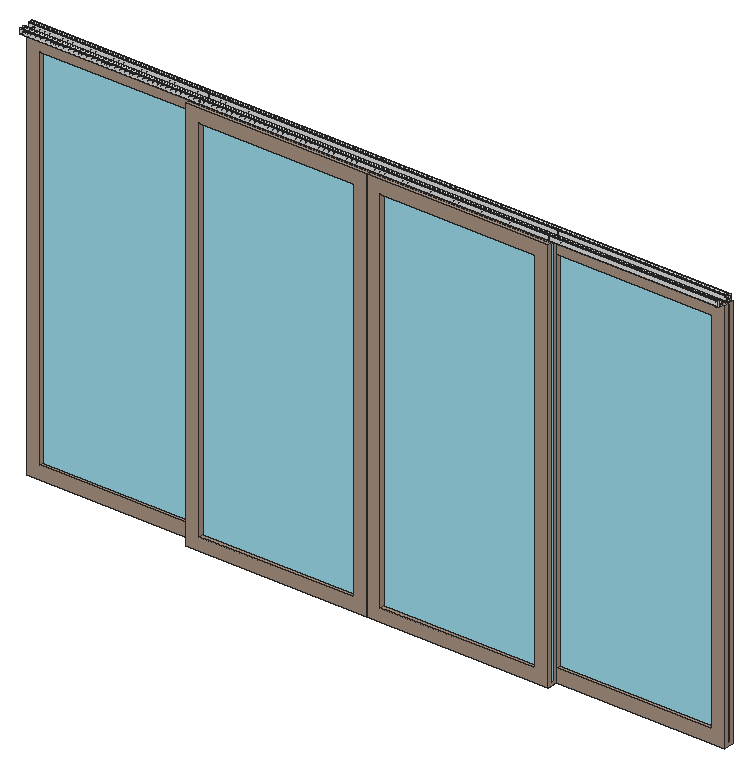
Revit family "4 Panel Slide SB4S XRDLP", category Doors, host Wall, Revit 2016
Family settings
  Host = Wall
  Always vertical = Yes
  Cut with Voids When Loaded = No
  Shared = No
  Room Calculation Point = No
Parameters (values of type "162"x 94 1/8"")
  URL = "www.raydoor.com"
  Type Image = SB4S.jpg
  Thickness = 2 1/4"  # constant formula
  Rough Width = 1"  # constant formula
  Rough Height = 1" / 4  # 1/4"
  Model = "SB4S"
  Function = Interior
  Door Material = Door - Panel
  Panel Material = Glass, Cast, Gray
  Height = 94 1/8"
  Trim Projection Ext = 63/64"  # constant formula
  Typ = 3"  # constant formula
  Wall Closure = By host
  Width = 162"
  Assembly Code = "SB4S XRDLP"
Reference planes (in)
  plane 1: y = 0
  plane 2: z = 0
  plane 3: x = -0.00001
  plane 4: x = -81.00001
  plane 5: x = 80.99999
  plane 6: z = 94.125
  plane 7: z = 92.9375
  plane 8: x = 77.99999
  plane 9: x = 79.49999
  plane 10: x = -3.00001
  plane 11: x = -1.50001
  plane 12: x = 1.49999
  plane 13: x = -79.50001
  plane 14: x = -78.00001
  plane 15: y = 0.125
  plane 16: y = -2.375
  plane 17: y = 2.375
  plane 18: y = -0.125
  plane 19: x = -40.50001
  plane 20: x = -39.00001
  plane 21: x = -42.00001
  plane 22: x = 40.49999
  plane 23: x = 41.99999
  plane 24: x = 38.99999
  plane 25: x = 2.99999
Forms (in)
  Extrusion 1, solid, material "Door - Panel" <- "Door Material"
    sketch origin (-58, 2.62273, 0.25) x (1, 0, 0) y (0, 0, 1)
      loop
        line (57.99999, 92.125) -> (57.99999, 0.125) -> (99.99999, 0.125) -> (99.99999, 92.125) -> (57.99999, 92.125)
      loop
        line (60.99999, 89.125) -> (60.99999, 3.125) -> (96.99999, 3.125) -> (96.99999, 89.125) -> (60.99999, 89.125)
    from 2.74773 to 4.99609
  Extrusion 2, solid, material "Glass, Cast, Gray" <- "Panel Material"
    sketch origin (-57.74997, -27.47932, 0.25) x (1, 0, 0) y (0, 0, 1)
      loop
        line (57.74997, 92.125) -> (57.74997, 1) -> (99.74997, 1) -> (99.74997, 92.125) -> (57.74997, 92.125)
    from -26.35104 to -26.10268
  Extrusion 3, void
    sketch origin (-58, -9.64385, -90.75) x (1, 0, 0) y (0, 0, 1)
      loop
        line (57.99999, 92) -> (57.99999, 91.125) -> (99.99999, 91.125) -> (99.99999, 92) -> (57.99999, 92)
    from -8.51721 to -8.26885
  Extrusion 4, solid, material "Door - Panel" <- "Door Material"
    sketch origin (-99, 0.3721, 0.25) x (1, 0, 0) y (0, 0, 1)
      loop
        line (56.99999, 92.125) -> (56.99999, 0.125) -> (98.99999, 0.125) -> (98.99999, 92.125) -> (56.99999, 92.125)
      loop
        line (59.99999, 89.125) -> (59.99999, 3.125) -> (95.99999, 3.125) -> (95.99999, 89.125) -> (59.99999, 89.125)
    from 0.49874 to 2.7471
  Extrusion 5, solid, material "Glass, Cast, Gray" <- "Panel Material"
    sketch origin (-98.99995, -7.34164, 0.25) x (1, 0, 0) y (0, 0, 1)
      loop
        line (56.99994, 92.125) -> (56.99994, 1) -> (98.99994, 1) -> (98.99994, 92.125) -> (56.99994, 92.125)
    from -6.215 to -5.96664
  Extrusion 6, void
    sketch origin (-99, -14.51721, -90.75) x (1, 0, 0) y (0, 0, 1)
      loop
        line (56.99999, 92) -> (56.99999, 91.125) -> (98.99999, 91.125) -> (98.99999, 92) -> (56.99999, 92)
    from -13.39057 to -13.14221
  Extrusion 7, solid, material "UHMW, White", detail levels medium+fine
    sketch origin (127.27771, -1.73342, 0.25) x (0, 1, 0) y (0, 0, 1)
      loop
        line (1.16928, -0.25) -> (1.16928, -0.0625) -> (0.60678, -0.0625) -> (0.60678, 0.75) -> (0.41928, 0.75) -> (0.41928, -0.0625) -> (-0.14322, -0.0625) -> (-0.14322, -0.25) -> (1.16928, -0.25)
      loop
        line (-0.04289, 93.65625) -> (-0.04289, 92.85447) -> (1.00562, 92.85447) -> (1.00562, 93.65625) -> (-0.04289, 93.65625)
    from -88.02771 to -85.52771
  Extrusion 8, solid, material "UHMW, White", detail levels medium+fine
    sketch origin (49.27771, 0.76658, 0.25) x (0, 1, 0) y (0, 0, 1)
      loop
        line (1.16928, -0.25) -> (1.16928, -0.0625) -> (0.60678, -0.0625) -> (0.60678, 0.75) -> (0.41928, 0.75) -> (0.41928, -0.0625) -> (-0.14322, -0.0625) -> (-0.14322, -0.25) -> (1.16928, -0.25)
      loop
        line (-0.04125, 93.65625) -> (-0.04125, 92.85447) -> (1.00726, 92.85447) -> (1.00726, 93.65625) -> (-0.04125, 93.65625)
    from -91.02771 to -88.52771
  Extrusion 9, solid, material "UHMW, White"
    sketch origin (0, 42.66856, -9.0893) x (0, 1, 0) y (0, 0, 1)
      loop
        line (-40.98125, 103.19868) -> (-41.00944, 103.2143) -> (-41.82807, 103.2143) -> (-41.85625, 103.19868)
        arc (-41.85625, 103.19868) -> (-41.80157, 103.14399) -> (-41.85625, 103.0893) r 0.05469
        line (-41.85625, 103.0893) -> (-41.98125, 103.0893)
        arc (-41.98125, 103.0893) -> (-42.00335, 103.08015) -> (-42.0125, 103.05805) r 0.03125
        line (-42.0125, 103.05805) -> (-42.0125, 102.01916)
        arc (-42.0125, 102.01916) -> (-42.00619, 102.00031) -> (-41.9898, 101.98907) r 0.0313
        line (-41.9898, 101.98907) -> (-41.79375, 101.93305) -> (-41.69219, 101.93305)
        arc (-41.69219, 101.93305) -> (-41.67401, 101.9417) -> (-41.66924, 101.96126) r 0.02344
        arc (-41.66924, 101.96126) -> (-41.67141, 101.97686) -> (-41.68296, 101.98757) r 0.02344
        line (-41.68296, 101.98757) -> (-41.93438, 102.0594) -> (-41.93438, 102.13127) -> (-41.95, 102.19377) -> (-41.95, 102.99555) -> (-41.80157, 103.006) -> (-41.70968, 103.12055) -> (-41.12783, 103.12055) -> (-41.03594, 103.006) -> (-40.8875, 102.99555) -> (-40.8875, 102.19377) -> (-40.90313, 102.13127) -> (-40.90313, 102.0594) -> (-41.15455, 101.98757)
        arc (-41.15455, 101.98757) -> (-41.1661, 101.97686) -> (-41.16826, 101.96126) r 0.02344
        arc (-41.16826, 101.96126) -> (-41.1635, 101.9417) -> (-41.14532, 101.93305) r 0.02344
        line (-41.14532, 101.93305) -> (-41.04375, 101.93305) -> (-40.84771, 101.98907)
        arc (-40.84771, 101.98907) -> (-40.83132, 102.00031) -> (-40.825, 102.01916) r 0.0313
        line (-40.825, 102.01916) -> (-40.825, 103.05805)
        arc (-40.825, 103.05805) -> (-40.83416, 103.08015) -> (-40.85625, 103.0893) r 0.03125
        line (-40.85625, 103.0893) -> (-40.98125, 103.0893)
        arc (-40.98125, 103.0893) -> (-41.03594, 103.14399) -> (-40.98125, 103.19868) r 0.05469
    from -81.00001 to 80.99999
  Extrusion 10, solid, material "UHMW, White"
    sketch origin (-41.44048, 1.65912, 94.125) x (0, -1, 0) y (1, 0, 0)
      loop
        circle (2.90868, 81.94047) r 0.125
    from -1.75 to -0.09375
  Extrusion 11, solid, material "UHMW, White"
    sketch origin (0, 40.4202, -9.0893) x (0, 1, 0) y (0, 0, 1)
      loop
        line (-41.23289, 103.19868) -> (-41.26108, 103.2143) -> (-42.07971, 103.2143) -> (-42.10789, 103.19868)
        arc (-42.10789, 103.19868) -> (-42.05321, 103.14399) -> (-42.10789, 103.0893) r 0.05469
        line (-42.10789, 103.0893) -> (-42.23289, 103.0893)
        arc (-42.23289, 103.0893) -> (-42.25499, 103.08015) -> (-42.26414, 103.05805) r 0.03125
        line (-42.26414, 103.05805) -> (-42.26414, 102.01916)
        arc (-42.26414, 102.01916) -> (-42.25783, 102.00031) -> (-42.24144, 101.98907) r 0.0313
        line (-42.24144, 101.98907) -> (-42.04539, 101.93305) -> (-41.94383, 101.93305)
        arc (-41.94383, 101.93305) -> (-41.92565, 101.9417) -> (-41.92088, 101.96126) r 0.02344
        arc (-41.92088, 101.96126) -> (-41.92305, 101.97686) -> (-41.9346, 101.98757) r 0.02344
        line (-41.9346, 101.98757) -> (-42.18602, 102.0594) -> (-42.18602, 102.13127) -> (-42.20164, 102.19377) -> (-42.20164, 102.99555) -> (-42.05321, 103.006) -> (-41.96132, 103.12055) -> (-41.37947, 103.12055) -> (-41.28758, 103.006) -> (-41.13914, 102.99555) -> (-41.13914, 102.19377) -> (-41.15477, 102.13127) -> (-41.15477, 102.0594) -> (-41.40619, 101.98757)
        arc (-41.40619, 101.98757) -> (-41.41774, 101.97686) -> (-41.4199, 101.96126) r 0.02344
        arc (-41.4199, 101.96126) -> (-41.41514, 101.9417) -> (-41.39696, 101.93305) r 0.02344
        line (-41.39696, 101.93305) -> (-41.29539, 101.93305) -> (-41.09935, 101.98907)
        arc (-41.09935, 101.98907) -> (-41.08296, 102.00031) -> (-41.07664, 102.01916) r 0.0313
        line (-41.07664, 102.01916) -> (-41.07664, 103.05805)
        arc (-41.07664, 103.05805) -> (-41.0858, 103.08015) -> (-41.10789, 103.0893) r 0.03125
        line (-41.10789, 103.0893) -> (-41.23289, 103.0893)
        arc (-41.23289, 103.0893) -> (-41.28758, 103.14399) -> (-41.23289, 103.19868) r 0.05469
    from -81.00001 to 80.99999
  Extrusion 12, solid, material "UHMW, White"
    sketch origin (-92.86615, -11.16274, 94.125) x (0, -1, 0) y (1, 0, 0)
      loop
        circle (-12.41356, 52.36615) r 0.125
    from -1.75 to 0
  Extrusion 13, solid, material "Door - Panel" <- "Door Material"
    sketch origin (-99, 2.87047, 0.25) x (1, 0, 0) y (0, 0, 1)
      loop
        line (17.99999, 92.125) -> (17.99999, 0.125) -> (59.99999, 0.125) -> (59.99999, 92.125) -> (17.99999, 92.125)
      loop
        line (20.99999, 89.125) -> (20.99999, 3.125) -> (56.99999, 3.125) -> (56.99999, 89.125) -> (20.99999, 89.125)
    from 0.4971 to 2.74547
  Extrusion 14, solid, material "Glass, Cast, Gray" <- "Panel Material"
    sketch origin (-98.99995, -4.84328, 0.25) x (1, 0, 0) y (0, 0, 1)
      loop
        line (17.99994, 92.125) -> (17.99994, 1) -> (59.99994, 1) -> (59.99994, 92.125) -> (17.99994, 92.125)
    from -6.21664 to -5.96828
  Extrusion 15, void
    sketch origin (-99, -12.01885, -90.75) x (1, 0, 0) y (0, 0, 1)
      loop
        line (56.99999, 92) -> (56.99999, 91.125) -> (59.99999, 91.125) -> (59.99999, 92) -> (56.99999, 92)
    from -13.39221 to -13.14385
  Extrusion 16, solid, material "Door - Panel" <- "Door Material"
    sketch origin (-67, 2.87047, 0.25) x (1, 0, 0) y (0, 0, 1)
      loop
        line (105.99999, 92.125) -> (105.99999, 0.125) -> (147.99999, 0.125) -> (147.99999, 92.125) -> (105.99999, 92.125)
      loop
        line (108.99999, 89.125) -> (108.99999, 3.125) -> (144.99999, 3.125) -> (144.99999, 89.125) -> (108.99999, 89.125)
    from 0.4971 to 2.74547
  Extrusion 17, solid, material "Glass, Cast, Gray" <- "Panel Material"
    sketch origin (-66.99995, -4.59328, 0.25) x (1, 0, 0) y (0, 0, 1)
      loop
        line (105.99994, 92.125) -> (105.99994, 1) -> (147.99994, 1) -> (147.99994, 92.125) -> (105.99994, 92.125)
    from -5.96664 to -5.71828
  Extrusion 18, void
    sketch origin (-67, -12.01885, -90.75) x (1, 0, 0) y (0, 0, 1)
      loop
        line (105.99999, 92) -> (105.99999, 91.125) -> (147.99999, 91.125) -> (147.99999, 92) -> (105.99999, 92)
    from -13.39221 to -13.14385
  Extrusion 19, solid, material "UHMW, White", detail levels medium+fine
    sketch origin (61.27771, -1.73342, 0.25) x (0, 1, 0) y (0, 0, 1)
      loop
        line (1.16928, -0.25) -> (1.16928, -0.0625) -> (0.60678, -0.0625) -> (0.60678, 0.75) -> (0.41928, 0.75) -> (0.41928, -0.0625) -> (-0.14322, -0.0625) -> (-0.14322, -0.25) -> (1.16928, -0.25)
      loop
        line (-0.04289, 93.65625) -> (-0.04289, 92.85447) -> (1.00562, 92.85447) -> (1.00562, 93.65625) -> (-0.04289, 93.65625)
    from -103.02771 to -100.52771
  Extrusion 20, solid, material "UHMW, White", detail levels medium+fine
    sketch origin (138.27771, 0.76658, 0.25) x (0, 1, 0) y (0, 0, 1)
      loop
        line (1.16928, -0.25) -> (1.16928, -0.0625) -> (0.60678, -0.0625) -> (0.60678, 0.75) -> (0.41928, 0.75) -> (0.41928, -0.0625) -> (-0.14322, -0.0625) -> (-0.14322, -0.25) -> (1.16928, -0.25)
      loop
        line (-0.04125, 93.65625) -> (-0.04125, 92.85447) -> (1.00726, 92.85447) -> (1.00726, 93.65625) -> (-0.04125, 93.65625)
    from -99.02771 to -96.52771
Cuts and joins
  Extrusion 3 cuts Extrusion 1
  Extrusion 3 cuts Extrusion 2
  Extrusion 6, Extrusion 15 cuts Extrusion 4
  Extrusion 6, Extrusion 15 cuts Extrusion 5
  Extrusion 15, Extrusion 18 cuts Extrusion 13
  Extrusion 15, Extrusion 18 cuts Extrusion 14
  Extrusion 18 cuts Extrusion 8
  Extrusion 18 cuts Extrusion 16
  Extrusion 18 cuts Extrusion 17
Lines and regions (in)
  Opening 1
    outline origin (-60, -2.99773, 144) x (0, 0, -1) y (1, 0, 0)
      loop
        line (49.875, -21.00001) -> (144, -21.00001) -> (144, 140.99999) -> (49.875, 140.99999) -> (49.875, -21.00001)
  Masking region 1
    outline origin (-7.24693, 27.04592, 0) x (1, 0, 0) y (0, 1, 0)
      loop
        line (-31.75307, -29.42092) -> (-31.75307, -27.17092) -> (-73.75307, -27.17092) -> (-73.75307, -29.42092) -> (-31.75307, -29.42092)
  Masking region 2
    outline origin (-7.24693, 29.28975, 0) x (1, 0, 0) y (0, 1, 0)
      loop
        line (-31.75307, -29.16475) -> (-31.75307, -26.91475) -> (-73.75307, -26.91475) -> (-73.75307, -29.16475) -> (-31.75307, -29.16475)
  Masking region 3
    outline origin (41.75307, 34.80676, 0) x (1, 0, 0) y (0, 1, 0)
      loop
        line (39.24693, -37.18176) -> (39.24693, -34.93176) -> (-2.75307, -34.93176) -> (-2.75307, -37.18176) -> (39.24693, -37.18176)
  Masking region 4
    outline origin (41.75307, 37.05059, 0) x (1, 0, 0) y (0, 1, 0)
      loop
        line (39.24693, -36.92559) -> (39.24693, -34.67559) -> (-2.75307, -34.67559) -> (-2.75307, -36.92559) -> (39.24693, -36.92559)
  symbolic lines, style "Elevation Swing"
    curve 1: line (-31.00001, 0, 37.98833) -> (-11, 0, 37.98833)
    curve 2: line (-11, 0, 32.79755) -> (-31.00001, 0, 32.79755)
    curve 3: line (-31.00001, 0, 37.98833) -> (-22.88008, 0, 40.48833)
    curve 4: line (-16.19616, 0, 29.79755) -> (-11, 0, 32.79755)
    curve 14: line (9.5, 0, 37.98833) -> (30.99999, 0, 37.98833)
    curve 15: line (30.99999, 0, 32.79755) -> (9.5, 0, 32.79755)
    curve 16: line (9.5, 0, 37.98833) -> (17.61992, 0, 40.48833)
    curve 17: line (25.80384, 0, 29.79755) -> (30.99999, 0, 32.79755)
  symbolic lines, style "Plan Swing"
    curve 5: line (30.99999, -14.55138, 0) -> (9.5, -14.55138, 0)
    curve 6: line (9.5, -14.55138, 0) -> (11.62132, -12.43006, 0)
    curve 7: line (30.99999, -16.07036, 0) -> (8.71019, -16.07036, 0)
    curve 8: line (28.87867, -18.19168, 0) -> (30.99999, -16.07036, 0)
    curve 10: line (-11.00001, -14.55138, 0) -> (-31.00001, -14.55138, 0)
    curve 11: line (-31.00001, -14.55138, 0) -> (-28.87869, -12.43006, 0)
    curve 12: line (-11.00001, -16.07036, 0) -> (-31.78981, -16.07036, 0)
    curve 13: line (-13.12133, -18.19168, 0) -> (-11.00001, -16.07036, 0)
  model lines
    curve 9: line (-81.00001, 3.00227, 0) -> (80.99999, 3.00227, 0)
Dimensions and locks (in)
  equal spacing: plane 4, plane 3, plane 5
  "Width": plane 4 to plane 5
  "Height": plane 6 to plane 2
  locked: plane 6 to plane 7 at 1.1875
  equal spacing: plane 8, plane 9, plane 5, locked at 1.5 each
  "Typ": plane 8 to plane 5
  equal spacing: plane 12, plane 22, plane 9
  equal spacing: plane 13, plane 19, plane 11, locked at 39 each
  "Typ": Extrusion 1 sketch curve to Extrusion 1 sketch curve  (x2)
  locked: Extrusion 2 to Extrusion 2 at 0.24836
  locked: Extrusion 2 sketch curve to Extrusion 1 at 0.875
  locked: Extrusion 3 to Extrusion 3 at 0.24836
  "Typ": Extrusion 4 sketch curve to Extrusion 4 sketch curve  (x2)
  locked: Extrusion 5 to Extrusion 5 at 0.24836
  locked: Extrusion 4 to Extrusion 5 at 1
  locked: Extrusion 5 sketch curve to Extrusion 4 at 0.875
  locked: Extrusion 6 to Extrusion 6 at 0.24836
  locked: plane 15 to plane 18 at 0.25
  "Typ": plane 4 to plane 14
  "Thickness": plane 17 to plane 15
  "Thickness": plane 18 to plane 16
  equal spacing: plane 4, plane 13, plane 14, locked at 1.5 each
  Extrusion 7 sketch curve to Extrusion 7 sketch curve = 3/16"
  locked: Extrusion 7 sketch curve to Extrusion 7 sketch curve at 0.5625  (x2)
  locked: Extrusion 7 sketch curve to Extrusion 7 sketch curve at 0.1875
  Extrusion 7 to Extrusion 7 to plane 23 = 2 1/2" locked, 1/4" locked
  plane 21 to Extrusion 8 to Extrusion 8 = 1/4" locked, 2 1/2" locked
  Extrusion 8 sketch curve to Extrusion 8 sketch curve = 3/16"
  locked: Extrusion 8 sketch curve to Extrusion 8 sketch curve at 0.5625  (x2)
  locked: Extrusion 8 sketch curve to Extrusion 8 sketch curve at 0.1875
  locked: cut or joined group of Extrusion 2, Extrusion 3 to plane 16 at 0.99836
  locked: plane 17 to Extrusion 12 sketch curve at 1.24918
  locked: Extrusion 10 sketch curve to plane 16 at 1.00044
  equal spacing: plane 21, plane 19, plane 20, locked at 1.5 each
  "Typ": plane 21 to plane 20
  equal spacing: plane 24, plane 22, plane 23
  "Typ": plane 24 to plane 23
  locked: plane 16 to cut or joined group of Extrusion 2, Extrusion 3 at 0.99836
  locked: cut or joined group of Extrusion 2, Extrusion 3 to plane 18 at 1.00164
  locked: cut or joined group of Extrusion 2, Extrusion 3 to cut or joined group of Extrusion 2, Extrusion 3 at 0.24836
  "Typ": Extrusion 13 sketch curve to Extrusion 13 sketch curve  (x2)
  locked: Extrusion 14 to Extrusion 14 at 0.24836
  locked: Extrusion 13 to Extrusion 14 at 1
  locked: Extrusion 14 sketch curve to Extrusion 13 at 0.875
  locked: Extrusion 15 to Extrusion 15 at 0.24836
  locked: cut or joined group of Extrusion 14, Extrusion 15, Extrusion 18 to plane 15 at 1
  "Typ": Extrusion 16 sketch curve to Extrusion 16 sketch curve  (x2)
  locked: Extrusion 17 to Extrusion 17 at 0.24836
  locked: Extrusion 16 to Extrusion 17 at 1
  locked: Extrusion 17 sketch curve to Extrusion 16 at 0.875
  locked: Extrusion 18 to Extrusion 18 at 0.24836
  locked: Extrusion 10 sketch curve to plane 23 at 1.375
  "Typ": plane 10 to plane 3
  "Typ": plane 3 to plane 25
  equal spacing: plane 3, plane 12, plane 25, locked at 1.5 each
  equal spacing: plane 10, plane 11, plane 3, locked at 1.5 each
  locked: plane 21 to Extrusion 12 sketch curve at 1.625
  Extrusion 19 sketch curve to Extrusion 19 sketch curve = 3/16"
  locked: Extrusion 19 sketch curve to Extrusion 19 sketch curve at 0.5625  (x2)
  locked: Extrusion 19 sketch curve to Extrusion 19 sketch curve at 0.1875
  locked: Extrusion 19 to Extrusion 19 at 2.5
  "Rough Height": Extrusion 19 to plane 21
  locked: Extrusion 20 to Extrusion 20 at 2.5
  Extrusion 20 sketch curve to Extrusion 20 sketch curve = 3/16"
  locked: Extrusion 20 sketch curve to Extrusion 20 sketch curve at 0.5625  (x2)
  locked: Extrusion 20 sketch curve to Extrusion 20 sketch curve at 0.1875
  "Rough Height": Extrusion 20 to plane 24
  diameter of Extrusion 10 sketch curve = 1/4"
  diameter of Extrusion 12 sketch curve = 1/4"
  aligned and locked: plane 5 to curve 9
  aligned and locked: Opening 1 sketch curve to plane 5
  aligned and locked: Opening 1 sketch curve to plane 4
  aligned and locked: Extrusion 1 to Extrusion 2
  aligned and locked: Extrusion 1 to Extrusion 3  (x2)
  aligned and locked: Extrusion 4 to Extrusion 5
  aligned and locked: plane 17 to Masking region 2
  aligned and locked: Masking region 2 to plane 15
  aligned and locked: Extrusion 7 sketch curve to Extrusion 7 sketch curve
  aligned and locked: cut or joined group of Extrusion 1, Extrusion 3 to Extrusion 7
  aligned and locked: Extrusion 10 to Extrusion 9
  aligned and locked: plane 4 to Extrusion 11
  aligned and locked: plane 4 to Extrusion 9
  aligned and locked: plane 4 to Masking region 1
  aligned and locked: plane 18 to Masking region 1
  aligned and locked: Masking region 1 to plane 16
  aligned and locked: cut or joined group of Extrusion 4, Extrusion 6, Extrusion 15 to plane 16
  aligned and locked: plane 18 to cut or joined group of Extrusion 4, Extrusion 6, Extrusion 15
  aligned and locked: cut or joined group of Extrusion 2, Extrusion 3 to plane 23
  aligned and locked: cut or joined group of Extrusion 1, Extrusion 3 to plane 23
  aligned and locked: cut or joined group of Extrusion 1, Extrusion 3 to plane 24
  aligned and locked: Masking region 1 to plane 20
  aligned and locked: cut or joined group of Extrusion 5, Extrusion 6, Extrusion 15 to Extrusion 6
  aligned and locked: Extrusion 13 to Extrusion 14
  aligned and locked: Extrusion 13 to Extrusion 15
  aligned and locked: Extrusion 13 to Masking region 2  (x2)
  aligned and locked: cut or joined group of Extrusion 13, Extrusion 15, Extrusion 18 to Extrusion 8
  aligned and locked: Masking region 2 to plane 20
  aligned and locked: Extrusion 16 to Extrusion 17
  aligned and locked: Extrusion 16 to Extrusion 18  (x3)
  aligned and locked: plane 17 to Extrusion 16
  aligned and locked: cut or joined group of Extrusion 16, Extrusion 18 to plane 15
  aligned and locked: cut or joined group of Extrusion 16, Extrusion 18 to plane 5
  aligned and locked: cut or joined group of Extrusion 17, Extrusion 18 to plane 5
  aligned and locked: plane 8 to cut or joined group of Extrusion 16, Extrusion 18
  aligned and locked: cut or joined group of Extrusion 16, Extrusion 18 to plane 23
  aligned and locked: cut or joined group of Extrusion 16, Extrusion 18 to plane 24
  aligned and locked: cut or joined group of Extrusion 17, Extrusion 18 to plane 24
  aligned and locked: Masking region 3 to plane 16
  aligned and locked: Masking region 3 to plane 18
  aligned and locked: Masking region 3 to plane 5
  aligned and locked: Masking region 3 to plane 24
  aligned and locked: Masking region 4 to plane 15
  aligned and locked: plane 17 to Masking region 4
  aligned and locked: Masking region 4 to plane 5
  aligned and locked: Masking region 4 to plane 24
  aligned and locked: Extrusion 11 to plane 5
  aligned and locked: Extrusion 9 to plane 5
  aligned and locked: Extrusion 4 to Extrusion 6  (x2)
  aligned and locked: cut or joined group of Extrusion 13, Extrusion 15, Extrusion 18 to Extrusion 15
  aligned and locked: cut or joined group of Extrusion 13, Extrusion 15, Extrusion 18 to Extrusion 14
  aligned and locked: plane 4 to cut or joined group of Extrusion 13, Extrusion 15, Extrusion 18
  aligned and locked: cut or joined group of Extrusion 13, Extrusion 15, Extrusion 18 to plane 14
  aligned and locked: Extrusion 13 to plane 21
  aligned and locked: cut or joined group of Extrusion 13, Extrusion 15, Extrusion 18 to plane 20
  aligned and locked: cut or joined group of Extrusion 14, Extrusion 15, Extrusion 18 to plane 20
  aligned and locked: plane 4 to Masking region 2
  aligned and locked: cut or joined group of Extrusion 4, Extrusion 6, Extrusion 15 to plane 21
  aligned and locked: cut or joined group of Extrusion 5, Extrusion 6, Extrusion 15 to plane 21
  aligned and locked: cut or joined group of Extrusion 4, Extrusion 6, Extrusion 15 to plane 20
  aligned and locked: Extrusion 3 to plane 3
  aligned and locked: Extrusion 2 to plane 3
  aligned and locked: cut or joined group of Extrusion 1, Extrusion 3 to plane 3
  aligned and locked: cut or joined group of Extrusion 1, Extrusion 3 to plane 25
  aligned and locked: plane 3 to cut or joined group of Extrusion 4, Extrusion 6, Extrusion 15
  aligned and locked: plane 10 to cut or joined group of Extrusion 4, Extrusion 6, Extrusion 15
  aligned and locked: plane 3 to cut or joined group of Extrusion 5, Extrusion 6, Extrusion 15
  aligned and locked: plane 3 to Extrusion 6
  aligned and locked: Extrusion 19 sketch curve to Extrusion 19 sketch curve
Automatic sketch dimensions
  curve 16 to plane 25 = 6 1/2"
  level to curve 16 = 37.98833"
  curve 3 to plane 20 = 8"
  level to curve 3 = 37.98833"
  curve 17 to plane 24 = 8"
  curve 14 to curve 17 = 5.19077"
  curve 1 to curve 2 = 5.19077"
  plane 10 to curve 2 = 8"
  curve 3 to plane 20 = 16.11993"
  curve 3 to curve 1 = 2 1/2"
  curve 16 to plane 25 = 14.61993"
  curve 16 to curve 14 = 2 1/2"
  curve 17 to plane 24 = 13.19615"
  curve 15 to curve 17 = 3"
  plane 10 to curve 4 = 13.19615"
  curve 2 to curve 4 = 3"
  curve 1 to curve 2 = 0"  (x2)
  curve 14 to curve 15 = 0"  (x2)
  Opening 1 sketch curve to plane 6 = 0"
  Opening 1 sketch curve to level = 0"
  curve 11 to plane 20 = 8"
  plane 10 to curve 12 = 8"
  curve 6 to plane 25 = 6 1/2"
  curve 7 to plane 24 = 8"
  host wall to curve 8 = 13.07263"
  host wall to curve 13 = 13.07263"
  curve 12 to curve 10 = 1.51898"
  curve 7 to curve 5 = 1.51898"
  curve 12 to curve 10 = 0.7898"
  curve 10 to curve 11 = 2.12132"  (x2)
  curve 13 to curve 12 = 2.12132"  (x2)
  curve 10 to curve 12 = 0"
  curve 7 to curve 5 = 0.7898"
  curve 5 to curve 6 = 2.12132"  (x2)
  curve 8 to curve 7 = 2.12132"  (x2)
  curve 5 to curve 7 = 0"
  curve 9 to level = 0"
  plane 4 to curve 9 = 0"
  Masking region 1 sketch curve to plane 4 = 0"
  Masking region 1 sketch curve to plane 18 = 0"
  Masking region 1 sketch curve to plane 20 = 0"
  Masking region 1 sketch curve to plane 16 = 0"
  Masking region 2 sketch curve to plane 4 = 0"
  Masking region 2 sketch curve to plane 17 = 0"
  Masking region 2 sketch curve to plane 20 = 0"
  Masking region 2 sketch curve to plane 15 = 0"
  Extrusion 1 sketch curve to plane 3 = 0"
  plane 25 to Extrusion 1 sketch curve = 0"
  Extrusion 1 sketch curve to plane 24 = 0"
  plane 23 to Extrusion 1 sketch curve = 0"
  level to Extrusion 1 sketch curve = 3/8"
  plane 7 to Extrusion 1 sketch curve = 3 9/16"
  Extrusion 2 sketch curve to plane 3 = 0"
  plane 23 to Extrusion 2 sketch curve = 0"
  plane 7 to Extrusion 2 sketch curve = 9/16"
  Extrusion 3 sketch curve to plane 3 = 0"
  plane 23 to Extrusion 3 sketch curve = 0"
  level to Extrusion 3 sketch curve = 3/8"
  Extrusion 3 sketch curve to Extrusion 3 sketch curve = 7/8"
  Extrusion 4 sketch curve to plane 21 = 0"
  plane 20 to Extrusion 4 sketch curve = 0"
  plane 10 to Extrusion 4 sketch curve = 0"
  Extrusion 4 sketch curve to plane 3 = 0"
  level to Extrusion 4 sketch curve = 3/8"
  plane 7 to Extrusion 4 sketch curve = 3 9/16"
  Extrusion 5 sketch curve to plane 21 = 0"
  Extrusion 5 sketch curve to plane 3 = 0"
  plane 7 to Extrusion 5 sketch curve = 9/16"
  Extrusion 6 sketch curve to plane 21 = 0"
  Extrusion 6 sketch curve to plane 3 = 0"
  level to Extrusion 6 sketch curve = 3/8"
  Extrusion 6 sketch curve to Extrusion 6 sketch curve = 7/8"
  Extrusion 7 sketch curve to level = 0"
  plane 16 to Extrusion 7 sketch curve = 0.49836"
  Extrusion 7 sketch curve to plane 7 = 0.16697"
  plane 16 to Extrusion 7 sketch curve = 0.59869"
  plane 6 to Extrusion 7 sketch curve = 7/32"
  Extrusion 7 sketch curve to plane 18 = 0.6028"
  Extrusion 7 sketch curve to Extrusion 7 sketch curve = 13/16"
  Extrusion 8 sketch curve to level = 0"
  plane 15 to Extrusion 8 sketch curve = 0.49836"
  Extrusion 8 sketch curve to plane 7 = 0.16697"
  plane 15 to Extrusion 8 sketch curve = 0.60033"
  plane 6 to Extrusion 8 sketch curve = 7/32"
  Extrusion 8 sketch curve to plane 17 = 0.60116"
  Extrusion 8 sketch curve to Extrusion 8 sketch curve = 3/16"
  Extrusion 8 sketch curve to Extrusion 8 sketch curve = 13/16"
  plane 6 to Extrusion 9 sketch curve = 0"
  plane 7 to Extrusion 9 sketch curve = 0.00764"  (x2)
  plane 15 to Extrusion 9 sketch curve = 0.53106"
  plane 7 to Extrusion 9 sketch curve = 0.03774"  (x2)
  Extrusion 9 sketch curve to Extrusion 9 sketch curve = 0.0227"
  Extrusion 9 sketch curve to Extrusion 9 sketch curve = 1/32"  (x3)
  Extrusion 9 sketch curve to plane 7 = 0.10447"
  Extrusion 9 sketch curve to Extrusion 9 sketch curve = 1/64"  (x2)
  Extrusion 9 sketch curve to Extrusion 9 sketch curve = 1/8"
  Extrusion 9 sketch curve to Extrusion 9 sketch curve = 0.02819"  (x2)
  plane 6 to Extrusion 9 sketch curve = 0.20831"  (x2)
  Extrusion 9 sketch curve to Extrusion 9 sketch curve = 7/128"  (x3)
  plane 7 to Extrusion 9 sketch curve = 3/32"  (x2)
  Extrusion 9 sketch curve to Extrusion 9 sketch curve = 9/64"  (x2)
  plane 6 to Extrusion 9 sketch curve = 3/32"
  Extrusion 9 sketch curve to Extrusion 9 sketch curve = 0.09189"  (x2)
  Extrusion 9 sketch curve to Extrusion 9 sketch curve = 13/128"  (x2)
  Extrusion 9 sketch curve to Extrusion 9 sketch curve = 0"  (x2)
  plane 7 to Extrusion 9 sketch curve = 0.03924"  (x2)
  Extrusion 9 sketch curve to Extrusion 9 sketch curve = 0.00923"  (x2)
  Extrusion 9 sketch curve to Extrusion 9 sketch curve = 0.52841"
  Extrusion 9 sketch curve to Extrusion 9 sketch curve = 0.58185"
  Extrusion 9 sketch curve to Extrusion 9 sketch curve = 0.11839"
  Extrusion 9 sketch curve to plane 7 = 0.0326"  (x2)
  Extrusion 9 sketch curve to plane 7 = 0.16697"
  Extrusion 9 sketch curve to Extrusion 9 sketch curve = 0.04683"
  Extrusion 9 sketch curve to Extrusion 9 sketch curve = 0.0086"
  Extrusion 9 sketch curve to Extrusion 9 sketch curve = 3/128"  (x2)
  Extrusion 9 sketch curve to Extrusion 9 sketch curve = 0.00953"  (x2)
  Extrusion 9 sketch curve to Extrusion 9 sketch curve = 1/16"  (x4)
  Extrusion 9 sketch curve to Extrusion 9 sketch curve = 0.01044"  (x2)
  plane 6 to Extrusion 11 sketch curve = 0"
  plane 7 to Extrusion 11 sketch curve = 0.00764"  (x2)
  plane 16 to Extrusion 11 sketch curve = 0.53106"
  plane 7 to Extrusion 11 sketch curve = 0.03774"  (x2)
  Extrusion 11 sketch curve to Extrusion 11 sketch curve = 0.0227"
  Extrusion 11 sketch curve to Extrusion 11 sketch curve = 1/32"  (x3)
  Extrusion 11 sketch curve to plane 7 = 0.10447"
  Extrusion 11 sketch curve to Extrusion 11 sketch curve = 1/64"  (x2)
  Extrusion 11 sketch curve to Extrusion 11 sketch curve = 1/8"
  Extrusion 11 sketch curve to Extrusion 11 sketch curve = 0.02819"  (x2)
  plane 6 to Extrusion 11 sketch curve = 0.20831"  (x2)
  Extrusion 11 sketch curve to Extrusion 11 sketch curve = 7/128"  (x3)
  plane 7 to Extrusion 11 sketch curve = 3/32"  (x2)
  Extrusion 11 sketch curve to Extrusion 11 sketch curve = 9/64"  (x2)
  plane 6 to Extrusion 11 sketch curve = 3/32"
  Extrusion 11 sketch curve to Extrusion 11 sketch curve = 0.09189"  (x2)
  Extrusion 11 sketch curve to Extrusion 11 sketch curve = 13/128"  (x2)
  Extrusion 11 sketch curve to Extrusion 11 sketch curve = 0"  (x2)
  plane 7 to Extrusion 11 sketch curve = 0.03924"  (x2)
  Extrusion 11 sketch curve to Extrusion 11 sketch curve = 0.00923"  (x2)
  Extrusion 11 sketch curve to Extrusion 11 sketch curve = 0.52841"
  Extrusion 11 sketch curve to Extrusion 11 sketch curve = 0.58185"
  Extrusion 11 sketch curve to Extrusion 11 sketch curve = 0.11839"
  Extrusion 11 sketch curve to plane 7 = 0.0326"  (x2)
  Extrusion 11 sketch curve to plane 7 = 0.16697"
  Extrusion 11 sketch curve to Extrusion 11 sketch curve = 0.04683"
  Extrusion 11 sketch curve to Extrusion 11 sketch curve = 0.0086"
  Extrusion 11 sketch curve to Extrusion 11 sketch curve = 3/128"  (x2)
  Extrusion 11 sketch curve to Extrusion 11 sketch curve = 0.00953"  (x2)
  Extrusion 11 sketch curve to Extrusion 11 sketch curve = 1/16"  (x4)
  Extrusion 11 sketch curve to Extrusion 11 sketch curve = 0.01044"  (x2)
  plane 4 to Extrusion 13 sketch curve = 0"
  plane 14 to Extrusion 13 sketch curve = 0"
  Extrusion 13 sketch curve to plane 21 = 0"
  plane 20 to Extrusion 13 sketch curve = 0"
  level to Extrusion 13 sketch curve = 3/8"
  plane 7 to Extrusion 13 sketch curve = 3 9/16"
  plane 4 to Extrusion 14 sketch curve = 0"
  plane 20 to Extrusion 14 sketch curve = 0"
  plane 7 to Extrusion 14 sketch curve = 9/16"
  Extrusion 15 sketch curve to plane 21 = 0"
  plane 20 to Extrusion 15 sketch curve = 0"
  level to Extrusion 15 sketch curve = 3/8"
  Extrusion 15 sketch curve to Extrusion 15 sketch curve = 7/8"
  Extrusion 16 sketch curve to plane 24 = 0"
  plane 23 to Extrusion 16 sketch curve = 0"
  plane 8 to Extrusion 16 sketch curve = 0"
  plane 5 to Extrusion 16 sketch curve = 0"
  level to Extrusion 16 sketch curve = 3/8"
  plane 7 to Extrusion 16 sketch curve = 3 9/16"
  Extrusion 17 sketch curve to plane 24 = 0"
  plane 5 to Extrusion 17 sketch curve = 0"
  plane 7 to Extrusion 17 sketch curve = 9/16"
  Extrusion 18 sketch curve to plane 24 = 0"
  plane 5 to Extrusion 18 sketch curve = 0"
  level to Extrusion 18 sketch curve = 3/8"
  Extrusion 18 sketch curve to Extrusion 18 sketch curve = 7/8"
  Masking region 3 sketch curve to plane 16 = 0"
  Masking region 3 sketch curve to plane 24 = 0"
  Masking region 3 sketch curve to plane 5 = 0"
  plane 18 to Masking region 3 sketch curve = 0"
  Masking region 4 sketch curve to plane 15 = 0"
  Masking region 4 sketch curve to plane 24 = 0"
  Masking region 4 sketch curve to plane 5 = 0"
  Masking region 4 sketch curve to plane 17 = 0"
  Extrusion 19 sketch curve to level = 0"
  plane 16 to Extrusion 19 sketch curve = 0.49836"
  Extrusion 19 sketch curve to plane 7 = 0.16697"
  plane 16 to Extrusion 19 sketch curve = 0.59869"
  plane 6 to Extrusion 19 sketch curve = 7/32"
  Extrusion 19 sketch curve to plane 18 = 0.6028"
  Extrusion 19 sketch curve to Extrusion 19 sketch curve = 13/16"
  Extrusion 20 sketch curve to level = 0"
  plane 15 to Extrusion 20 sketch curve = 0.49836"
  Extrusion 20 sketch curve to plane 7 = 0.16697"
  plane 15 to Extrusion 20 sketch curve = 0.60033"
  plane 6 to Extrusion 20 sketch curve = 7/32"
  Extrusion 20 sketch curve to plane 17 = 0.60116"
  level to Extrusion 20 sketch curve = 3/16"
  Extrusion 20 sketch curve to Extrusion 20 sketch curve = 13/16"
